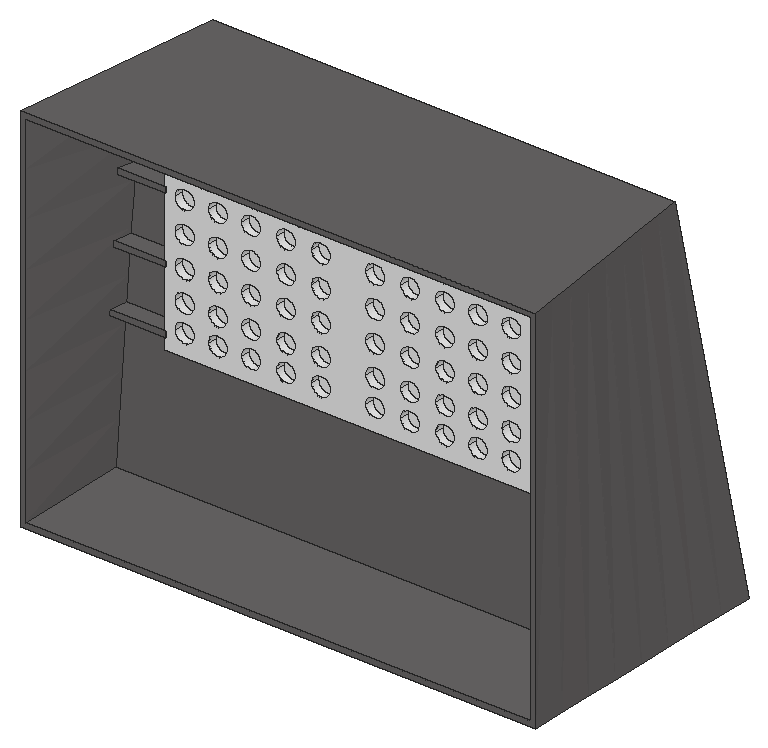
Revit family "RWL1", category Lighting Fixtures, host Face, Revit 2021
Family settings
  Host = Face
  Round Connector Dimension = Use Diameter
  Part Type = Normal
  OmniClass Number = 23.80.70.11
  OmniClass Title = Luminaries for Internal Lighting
  Cut with Voids When Loaded = No
  Light Source = Yes
  Shared = No
  Room Calculation Point = No
Parameters (values of type "RWL1")
  zz Length 2 = 23.70"
  zz Length 1 = 23.70"
  Watts = 10 W
  Wattage = 10 W
  Warranty = "Five year warranty"  # constant formula
  built-in parameter 1150110 = 1 (stored number, unit not read)
  Voltage = 120 V
  built-in parameter 1114217 = 1 (stored number, unit not read)
  Tilt Angle = 60.00°
  built-in parameter 1150109 = 1 (stored number, unit not read)
  built-in parameter 1150134 = 3
  built-in parameter 1150113 = 1 (stored number, unit not read)
  Product Page URL = ""
  Product Documentation Link = ""
  Power Factor = 1
  Photometric Web File = "RWL1-48L-10-3K7-3.ies"
  Photometric Note = "For more Photometrics Please vist above Link"  # constant formula
  built-in parameter 1150105 = 102.65 (stored number, unit not read)
  Lumens = 1290 lm
  built-in parameter 1150115 = 1 (stored number, unit not read)
  built-in parameter 1150137 = (empty or 0)
  built-in parameter 1150139 = (empty or 0)
  built-in parameter 1150112 = 1 (stored number, unit not read)
  built-in parameter 1150114 = 1 (stored number, unit not read)
  built-in parameter 1150132 = (empty or 0)
  built-in parameter 1150102 = (empty or 0)
  built-in parameter 1150107 = 3200 (stored number, unit not read)
  built-in parameter 1150138 = (empty or 0)
  built-in parameter 1150106 = 1.0265 (stored number, unit not read)
  Housing = Paint - Textured Camera Black
  Features = "Compact size for mounting heights up to 15ft and spacing up to 75ft\r\nFeaturing Micro Strike Optics which maximizes target zone illumination with minimal losses at the house-side,reducing light trespass issues.\r\nVisual comfort standard\r\nMicro Strike optics in Type 3 and 4W distributions\r\nMatching rectilinear form to the Ratio Family\r\nVersatile mounting for multiple lighting applications\r\nLarge variety of wattages to target specific lumen outputs\r\nControl options including photo control, occupancy sensing,NX Distributed Intelligence™ and 7-Pin with networked controls\r\nWall mount, Building Mount luminaire."  # constant formula
  Load Classification = Lighting
  Wattage Comments = "10 W to 47 W"  # constant formula
  URL = "https://www.currentlighting.com/exo"
  Model = "RWL1"  # constant formula
  Manufacturer = "EXO"  # constant formula
  Lamp = "LED Lamp"  # constant formula
  Opal lens = White Glass
  built-in parameter 1150104 = 11.984 (stored number, unit not read)
  Dimming Lamp Color Temperature Shift = <None>
  Description = "RWL1 Ratio"  # constant formula
  Default Elevation = 48.00"
  Copyright = "© EXO"  # constant formula
  Contact us = ""
  Material Finish = Paint  -  White
  Color Filter = 16777215
  built-in parameter 1114218 = 1 (stored number, unit not read)
  built-in parameter 1150133 = 10 (stored number, unit not read)
  Assembly Code = "D5020200"
  Apparent Load = Watts / Power Factor  # 10 VA
Reference planes (in)
  plane 1 "Center (Front/Back)": y = 13.01342
  plane 2: z = 0
  plane 3 "Center (Left/Right)": x = 0
  plane 4: z = 0.25
  plane 5: z = 0.125
  plane 6: z = -0.375
  plane 7: z = -2.25
  plane 8: x = 4.85
  plane 9: x = -4.85
  plane 10: x = -4.35
  plane 11: x = 4.35
  plane 12: y = 18.01342
  plane 13: y = 16.91342
Forms (in)
  Blend 1, solid, material "Paint - Textured Camera Black" <- "Housing"
    base sketch origin (0, 0, 0) x (1, 0, 0) y (0, 1, 0)
      loop
        line (-4.85, 13.01342) -> (4.85, 13.01342) -> (4.85, 18.01342) -> (-4.85, 18.01342) -> (-4.85, 13.01342)
    top sketch origin (0, 0, 0) x (1, 0, 0) y (0, 1, 0)
      loop
        line (-4.85, 13.01342) -> (4.85, 13.01342) -> (4.35, 16.91342) -> (-4.35, 16.91342) -> (-4.85, 13.01342)
    from 0 to 7
  Blend 2, void
    base sketch origin (0, 13.01342, 0) x (1, 0, 0) y (0, 0, 1)
      loop
        line (-4.75, 0.1) -> (4.75, 0.1) -> (4.75, 6.9) -> (-4.75, 6.9) -> (-4.75, 0.1)
    top sketch origin (0, 13.01342, 0) x (1, 0, 0) y (0, 0, 1)
      loop
        line (4.65, 0.2) -> (4.18848, 6.8) -> (-4.18848, 6.8) -> (-4.65, 0.2) -> (4.65, 0.2)
    from 0 to -2
  Extrusion 3, solid, material "Paint - Textured Camera Black" <- "Housing"
    sketch origin (0, 13.01342, 0) x (1, 0, 0) y (0, 0, 1)
      loop
        line (-4.57105, 2.95397) -> (-3.43959, 2.95397) -> (-3.43959, 3.05867) -> (-4.57105, 3.05867) -> (-4.57105, 2.95397)
      loop
        line (-4.57105, 4.14147) -> (-3.43959, 4.14147) -> (-3.43959, 4.24617) -> (-4.57105, 4.24617) -> (-4.57105, 4.14147)
      loop
        line (-4.57105, 5.39147) -> (-3.43959, 5.39147) -> (-3.43959, 5.49617) -> (-4.57105, 5.49617) -> (-4.57105, 5.39147)
      loop
        line (4.57105, 2.95397) -> (4.57105, 3.05867) -> (3.43959, 3.05867) -> (3.43959, 2.95397) -> (4.57105, 2.95397)
      loop
        line (4.57105, 4.14147) -> (4.57105, 4.24617) -> (3.43959, 4.24617) -> (3.43959, 4.14147) -> (4.57105, 4.14147)
      loop
        line (4.57105, 5.39147) -> (4.57105, 5.49617) -> (3.43959, 5.49617) -> (3.43959, 5.39147) -> (4.57105, 5.39147)
      loop
        line (-2.7537, 6.71392) -> (-2.7537, 5.70746) -> (-2.649, 5.70746) -> (-2.649, 6.71392) -> (-2.7537, 6.71392)
      loop
        line (-1.80149, 6.71392) -> (-1.80149, 5.70746) -> (-1.69679, 5.70746) -> (-1.69679, 6.71392) -> (-1.80149, 6.71392)
      loop
        line (-0.92649, 6.71392) -> (-0.92649, 5.70746) -> (-0.82179, 5.70746) -> (-0.82179, 6.71392) -> (-0.92649, 6.71392)
      loop
        line (2.7537, 6.71392) -> (2.649, 6.71392) -> (2.649, 5.70746) -> (2.7537, 5.70746) -> (2.7537, 6.71392)
      loop
        line (1.80149, 6.71392) -> (1.69679, 6.71392) -> (1.69679, 5.70746) -> (1.80149, 5.70746) -> (1.80149, 6.71392)
      loop
        line (0.92649, 6.71392) -> (0.82179, 6.71392) -> (0.82179, 5.70746) -> (0.92649, 5.70746) -> (0.92649, 6.71392)
    from -1.65482 to -2
  Extrusion 4, solid, material "Paint  -  White" <- "Material Finish"
    sketch origin (0, 13.01342, 0) x (1, 0, 0) y (0, 0, 1)
      loop
        line (-3.45087, 2.7465) -> (3.54913, 2.7465) -> (3.54913, 5.7465) -> (-3.45087, 5.7465) -> (-3.45087, 2.7465)
    from -2 to -1.65482
  Extrusion 5, void
    sketch origin (0, 13.01342, 0) x (1, 0, 0) y (0, 0, 1)
      loop
        circle (-3.074, 5.40259) r 0.18
      loop
        circle (-2.449, 5.40259) r 0.18
      loop
        circle (-1.824, 5.40259) r 0.18
      loop
        circle (-1.16775, 5.40259) r 0.18
      loop
        circle (-0.5115, 5.40259) r 0.18
      loop
        circle (-3.074, 4.81548) r 0.18
      loop
        circle (-2.449, 4.81548) r 0.18
      loop
        circle (-1.824, 4.81548) r 0.18
      loop
        circle (-1.16775, 4.81548) r 0.18
      loop
        circle (-0.5115, 4.81548) r 0.18
      loop
        circle (-3.074, 4.23561) r 0.18
      loop
        circle (-2.449, 4.23561) r 0.18
      loop
        circle (-1.824, 4.23561) r 0.18
      loop
        circle (-1.16775, 4.23561) r 0.18
      loop
        circle (-0.5115, 4.23561) r 0.18
      loop
        circle (-3.074, 3.65574) r 0.18
      loop
        circle (-2.449, 3.65574) r 0.18
      loop
        circle (-1.824, 3.65574) r 0.18
      loop
        circle (-1.16775, 3.65574) r 0.18
      loop
        circle (-0.5115, 3.65574) r 0.18
      loop
        circle (-3.074, 3.15574) r 0.18
      loop
        circle (-2.449, 3.15574) r 0.18
      loop
        circle (-1.824, 3.15574) r 0.18
      loop
        circle (-1.16775, 3.15574) r 0.18
      loop
        circle (-0.5115, 3.15574) r 0.18
      loop
        circle (3.074, 5.40259) r 0.18
      loop
        circle (2.449, 5.40259) r 0.18
      loop
        circle (1.824, 5.40259) r 0.18
      loop
        circle (1.16775, 5.40259) r 0.18
      loop
        circle (0.5115, 5.40259) r 0.18
      loop
        circle (3.074, 4.81548) r 0.18
      loop
        circle (2.449, 4.81548) r 0.18
      loop
        circle (1.824, 4.81548) r 0.18
      loop
        circle (1.16775, 4.81548) r 0.18
      loop
        circle (0.5115, 4.81548) r 0.18
      loop
        circle (3.074, 4.23561) r 0.18
      loop
        circle (2.449, 4.23561) r 0.18
      loop
        circle (1.824, 4.23561) r 0.18
      loop
        circle (1.16775, 4.23561) r 0.18
      loop
        circle (0.5115, 4.23561) r 0.18
      loop
        circle (3.074, 3.65574) r 0.18
      loop
        circle (2.449, 3.65574) r 0.18
      loop
        circle (1.824, 3.65574) r 0.18
      loop
        circle (1.16775, 3.65574) r 0.18
      loop
        circle (0.5115, 3.65574) r 0.18
      loop
        circle (3.074, 3.15574) r 0.18
      loop
        circle (2.449, 3.15574) r 0.18
      loop
        circle (1.824, 3.15574) r 0.18
      loop
        circle (1.16775, 3.15574) r 0.18
      loop
        circle (0.5115, 3.15574) r 0.18
    from -1.81113 to -1.65482
Cuts and joins
  Blend 2 cuts Blend 1
  Extrusion 5 cuts Extrusion 4
Dimensions and locks (in)
  locked: plane 4 to plane 2 at 0.25
  locked: plane 5 to plane 2 at 0.125
  aligned and locked: plane 2 to host face
  aligned and locked: level to host face
Connectors (in)
  electrical at (0, 17.46342, 3.5), driven by "Power Factor", driven by "Apparent Load", driven by "Voltage", driven by "Load Classification"
    settings: on cut or joined group of Blend 1, Blend 2, index 1, voltage 120 V, apparent load 10 VA, apparent load phase1 0 VA, apparent load phase2 0 VA, apparent load phase3 0 VA, power factor 1, load classification "Lighting", number of poles 1, system type 30, power factor state 1, is connector primary yes, connector utility no, sub classification motor no, connector description "Light Fixture"
